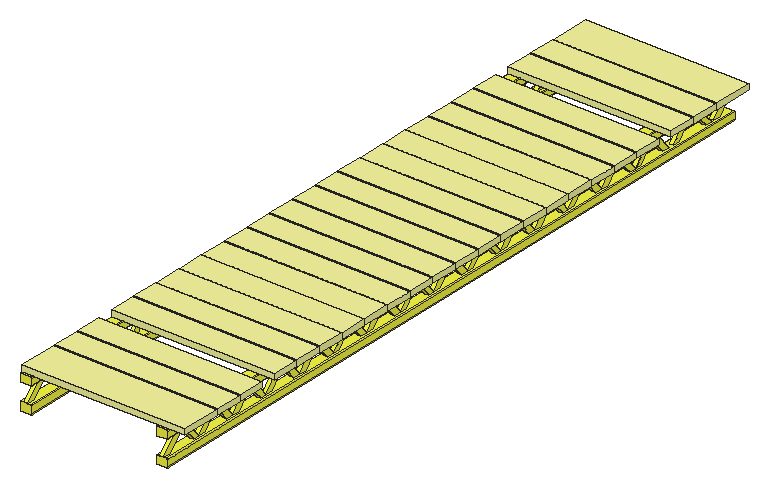
Revit family "SanCongTac-2", category Structural Framing, Revit 2019
Family settings
  Structural Framing Length Roundoff = 0 mm
  Section Shape = Not Defined
  Material for Model Behavior = Other
  Always export as geometry = No
  Work Plane-Based = No
  Always vertical = No
  Cut with Voids When Loaded = No
  Symbolic Representation = From Family
  Shared = No
  Show family pre-cut in plan views = Yes
Parameters
  Vat Lieu = Wood 2
  Structural Material [instance] = Wood 1
Reference planes
  plane 1 "Center (Front/Back)": y = 0
  plane 2: z = 0
  plane 3 "Center (Left/Right)": x = 0
  plane 4: x = 1110
Forms (mm)
  Extrusion 1, solid, material "Wood 1" <- "Structural Material"
    sketch origin (-40, -2500, 2440) x (1, 0, 0) y (0, 0, -1)
      loop
        line (5, 0) -> (75, 0)
        arc (75, 0) -> (78.536, 1.464) -> (80, 5) r 5
        line (80, 5) -> (80, 55)
        arc (80, 55) -> (78.536, 58.536) -> (75, 60) r 5
        line (75, 60) -> (5, 60)
        arc (5, 60) -> (1.464, 58.536) -> (0, 55) r 5
        line (0, 55) -> (0, 5)
        arc (0, 5) -> (1.464, 1.464) -> (5, 0) r 5
    from 0 to 5000
  Extrusion 2, solid, material "Wood 1" <- "Structural Material"
    sketch origin (-40, -2500, 2560) x (1, 0, 0) y (0, 0, -1)
      loop
        arc (5, 0) -> (1.464, -1.464) -> (0, -5) r 5
        line (0, -5) -> (0, -55)
        arc (0, -55) -> (1.464, -58.536) -> (5, -60) r 5
        line (5, -60) -> (75, -60)
        arc (75, -60) -> (78.536, -58.536) -> (80, -55) r 5
        line (80, -55) -> (80, -5)
        arc (80, -5) -> (78.536, -1.464) -> (75, 0) r 5
        line (75, 0) -> (5, 0)
    from 0 to 5000
  Extrusion 3, solid, material "Wood 1" <- "Structural Material"
    sketch origin (0, -2500, 2500) x (0, 0, -1) y (0, 1, 0)
      loop
        line (60, 261) -> (60, 311) -> (-60, 213) -> (-60, 163) -> (60, 261)
    from -14 to 14
  Extrusion 4, solid, material "Wood 1" <- "Structural Material"
    sketch origin (0, -1878, 2500) x (0, 0, -1) y (0, 1, 0)
      loop
        line (60, -261) -> (-60, -163) -> (-60, -213) -> (60, -311) -> (60, -261)
    from -14 to 14
  Extrusion 5, solid, material "Wood 1" <- "Structural Material"
    sketch origin (0, -2204, 2500) x (0, 0, -1) y (0, 1, 0)
      loop
        line (60, 261) -> (60, 311) -> (-60, 213) -> (-60, 163) -> (60, 261)
    from -14 to 14
  Extrusion 6, solid, material "Wood 1" <- "Structural Material"
    sketch origin (0, -1908, 2500) x (0, 0, -1) y (0, 1, 0)
      loop
        line (60, 261) -> (60, 311) -> (-60, 213) -> (-60, 163) -> (60, 261)
    from -14 to 14
  Extrusion 7, solid, material "Wood 1" <- "Structural Material"
    sketch origin (0, -1612, 2500) x (0, 0, -1) y (0, 1, 0)
      loop
        line (60, 261) -> (60, 311) -> (-60, 213) -> (-60, 163) -> (60, 261)
    from -14 to 14
  Extrusion 8, solid, material "Wood 1" <- "Structural Material"
    sketch origin (0, -1316, 2500) x (0, 0, -1) y (0, 1, 0)
      loop
        line (60, 261) -> (60, 311) -> (-60, 213) -> (-60, 163) -> (60, 261)
    from -14 to 14
  Extrusion 9, solid, material "Wood 1" <- "Structural Material"
    sketch origin (0, -1020, 2500) x (0, 0, -1) y (0, 1, 0)
      loop
        line (60, 261) -> (60, 311) -> (-60, 213) -> (-60, 163) -> (60, 261)
    from -14 to 14
  Extrusion 10, solid, material "Wood 1" <- "Structural Material"
    sketch origin (0, -724, 2500) x (0, 0, -1) y (0, 1, 0)
      loop
        line (60, 261) -> (60, 311) -> (-60, 213) -> (-60, 163) -> (60, 261)
    from -14 to 14
  Extrusion 11, solid, material "Wood 1" <- "Structural Material"
    sketch origin (0, 2002, 2500) x (0, 0, -1) y (0, 1, 0)
      loop
        line (60, 278) -> (60, 328) -> (-60, 213) -> (-60, 163) -> (60, 278)
    from -14 to 14
  Extrusion 12, solid, material "Wood 1" <- "Structural Material"
    sketch origin (0, -1582, 2500) x (0, 0, -1) y (0, 1, 0)
      loop
        line (60, -261) -> (-60, -163) -> (-60, -213) -> (60, -311) -> (60, -261)
    from -14 to 14
  Extrusion 13, solid, material "Wood 1" <- "Structural Material"
    sketch origin (0, -1286, 2500) x (0, 0, -1) y (0, 1, 0)
      loop
        line (60, -261) -> (-60, -163) -> (-60, -213) -> (60, -311) -> (60, -261)
    from -14 to 14
  Extrusion 14, solid, material "Wood 1" <- "Structural Material"
    sketch origin (0, -990, 2500) x (0, 0, -1) y (0, 1, 0)
      loop
        line (60, -261) -> (-60, -163) -> (-60, -213) -> (60, -311) -> (60, -261)
    from -14 to 14
  Extrusion 15, solid, material "Wood 1" <- "Structural Material"
    sketch origin (0, -694, 2500) x (0, 0, -1) y (0, 1, 0)
      loop
        line (60, -261) -> (-60, -163) -> (-60, -213) -> (60, -311) -> (60, -261)
    from -14 to 14
  Extrusion 16, solid, material "Wood 1" <- "Structural Material"
    sketch origin (0, -398, 2500) x (0, 0, -1) y (0, 1, 0)
      loop
        line (60, -261) -> (-60, -163) -> (-60, -213) -> (60, -311) -> (60, -261)
    from -14 to 14
  Extrusion 17, solid, material "Wood 1" <- "Structural Material"
    sketch origin (0, -102, 2500) x (0, 0, -1) y (0, 1, 0)
      loop
        line (60, -261) -> (-60, -163) -> (-60, -213) -> (60, -311) -> (60, -261)
    from -14 to 14
  Extrusion 18, solid, material "Wood 1" <- "Structural Material"
    sketch origin (0, -2174, 2500) x (0, 0, -1) y (0, 1, 0)
      loop
        line (60, -326) -> (60, -276) -> (-60, -163) -> (-60, -213) -> (60, -326)
    from -14 to 14
  Extrusion 19, solid, material "Wood 1" <- "Structural Material"
    sketch origin (0, -428, 2500) x (0, 0, -1) y (0, 1, 0)
      loop
        line (60, 261) -> (60, 311) -> (-60, 213) -> (-60, 163) -> (60, 261)
    from -14 to 14
  Extrusion 20, solid, material "Wood 1" <- "Structural Material"
    sketch origin (0, 194, 2500) x (0, 0, -1) y (0, 1, 0)
      loop
        line (60, -261) -> (-60, -163) -> (-60, -213) -> (60, -311) -> (60, -261)
    from -14 to 14
  Extrusion 21, solid, material "Wood 1" <- "Structural Material"
    sketch origin (0, -132, 2500) x (0, 0, -1) y (0, 1, 0)
      loop
        line (60, 261) -> (60, 311) -> (-60, 213) -> (-60, 163) -> (60, 261)
    from -14 to 14
  Extrusion 22, solid, material "Wood 1" <- "Structural Material"
    sketch origin (0, 490, 2500) x (0, 0, -1) y (0, 1, 0)
      loop
        line (60, -261) -> (-60, -163) -> (-60, -213) -> (60, -311) -> (60, -261)
    from -14 to 14
  Extrusion 23, solid, material "Wood 1" <- "Structural Material"
    sketch origin (0, 164, 2500) x (0, 0, -1) y (0, 1, 0)
      loop
        line (60, 261) -> (60, 311) -> (-60, 213) -> (-60, 163) -> (60, 261)
    from -14 to 14
  Extrusion 24, solid, material "Wood 1" <- "Structural Material"
    sketch origin (0, 786, 2500) x (0, 0, -1) y (0, 1, 0)
      loop
        line (60, -261) -> (-60, -163) -> (-60, -213) -> (60, -311) -> (60, -261)
    from -14 to 14
  Extrusion 25, solid, material "Wood 1" <- "Structural Material"
    sketch origin (0, 460, 2500) x (0, 0, -1) y (0, 1, 0)
      loop
        line (60, 261) -> (60, 311) -> (-60, 213) -> (-60, 163) -> (60, 261)
    from -14 to 14
  Extrusion 26, solid, material "Wood 1" <- "Structural Material"
    sketch origin (0, 1082, 2500) x (0, 0, -1) y (0, 1, 0)
      loop
        line (60, -261) -> (-60, -163) -> (-60, -213) -> (60, -311) -> (60, -261)
    from -14 to 14
  Extrusion 27, solid, material "Wood 1" <- "Structural Material"
    sketch origin (0, 756, 2500) x (0, 0, -1) y (0, 1, 0)
      loop
        line (60, 261) -> (60, 311) -> (-60, 213) -> (-60, 163) -> (60, 261)
    from -14 to 14
  Extrusion 28, solid, material "Wood 1" <- "Structural Material"
    sketch origin (0, 1378, 2500) x (0, 0, -1) y (0, 1, 0)
      loop
        line (60, -261) -> (-60, -163) -> (-60, -213) -> (60, -311) -> (60, -261)
    from -14 to 14
  Extrusion 29, solid, material "Wood 1" <- "Structural Material"
    sketch origin (0, 1052, 2500) x (0, 0, -1) y (0, 1, 0)
      loop
        line (60, 261) -> (60, 311) -> (-60, 213) -> (-60, 163) -> (60, 261)
    from -14 to 14
  Extrusion 30, solid, material "Wood 1" <- "Structural Material"
    sketch origin (0, 1674, 2500) x (0, 0, -1) y (0, 1, 0)
      loop
        line (60, -261) -> (-60, -163) -> (-60, -213) -> (60, -311) -> (60, -261)
    from -14 to 14
  Extrusion 31, solid, material "Wood 1" <- "Structural Material"
    sketch origin (0, 1348, 2500) x (0, 0, -1) y (0, 1, 0)
      loop
        line (60, 261) -> (60, 311) -> (-60, 213) -> (-60, 163) -> (60, 261)
    from -14 to 14
  Extrusion 32, solid, material "Wood 1" <- "Structural Material"
    sketch origin (0, 1970, 2500) x (0, 0, -1) y (0, 1, 0)
      loop
        line (60, -261) -> (-60, -163) -> (-60, -213) -> (60, -311) -> (60, -261)
    from -14 to 14
  Extrusion 33, solid, material "Wood 1" <- "Structural Material"
    sketch origin (0, 1644, 2500) x (0, 0, -1) y (0, 1, 0)
      loop
        line (60, 261) -> (60, 311) -> (-60, 213) -> (-60, 163) -> (60, 261)
    from -14 to 14
  Extrusion 34, solid, material "Wood 1" <- "Structural Material"
    sketch origin (0, 2306, 2500) x (0, 0, -1) y (0, 1, 0)
      loop
        line (60, -261) -> (-60, -163) -> (-60, -213) -> (60, -311) -> (60, -261)
    from -14 to 14
  Extrusion 35, solid, material "Wood 1" <- "Structural Material"
    sketch origin (0, 2663, 2500) x (0, 0, -1) y (0, 1, 0)
      loop
        line (60, -261) -> (-60, -163) -> (-60, -213) -> (60, -311) -> (60, -261)
    from -14 to 14
  Extrusion 36, solid, material "Wood 1" <- "Structural Material"
    sketch origin (920, -2500, 2440) x (1, 0, 0) y (0, 0, -1)
      loop
        line (5, 0) -> (75, 0)
        arc (75, 0) -> (78.536, 1.464) -> (80, 5) r 5
        line (80, 5) -> (80, 55)
        arc (80, 55) -> (78.536, 58.536) -> (75, 60) r 5
        line (75, 60) -> (5, 60)
        arc (5, 60) -> (1.464, 58.536) -> (0, 55) r 5
        line (0, 55) -> (0, 5)
        arc (0, 5) -> (1.464, 1.464) -> (5, 0) r 5
    from 0 to 5000
  Extrusion 37, solid, material "Wood 1" <- "Structural Material"
    sketch origin (920, -2500, 2560) x (1, 0, 0) y (0, 0, -1)
      loop
        arc (5, 0) -> (1.464, -1.464) -> (0, -5) r 5
        line (0, -5) -> (0, -55)
        arc (0, -55) -> (1.464, -58.536) -> (5, -60) r 5
        line (5, -60) -> (75, -60)
        arc (75, -60) -> (78.536, -58.536) -> (80, -55) r 5
        line (80, -55) -> (80, -5)
        arc (80, -5) -> (78.536, -1.464) -> (75, 0) r 5
        line (75, 0) -> (5, 0)
    from 0 to 5000
  Extrusion 38, solid, material "Wood 1" <- "Structural Material"
    sketch origin (960, -2500, 2500) x (0, 0, -1) y (0, 1, 0)
      loop
        line (60, 261) -> (60, 311) -> (-60, 213) -> (-60, 163) -> (60, 261)
    from -14 to 14
  Extrusion 39, solid, material "Wood 1" <- "Structural Material"
    sketch origin (960, -1878, 2500) x (0, 0, -1) y (0, 1, 0)
      loop
        line (60, -261) -> (-60, -163) -> (-60, -213) -> (60, -311) -> (60, -261)
    from -14 to 14
  Extrusion 40, solid, material "Wood 1" <- "Structural Material"
    sketch origin (960, -2204, 2500) x (0, 0, -1) y (0, 1, 0)
      loop
        line (60, 261) -> (60, 311) -> (-60, 213) -> (-60, 163) -> (60, 261)
    from -14 to 14
  Extrusion 41, solid, material "Wood 1" <- "Structural Material"
    sketch origin (960, -1908, 2500) x (0, 0, -1) y (0, 1, 0)
      loop
        line (60, 261) -> (60, 311) -> (-60, 213) -> (-60, 163) -> (60, 261)
    from -14 to 14
  Extrusion 42, solid, material "Wood 1" <- "Structural Material"
    sketch origin (960, -1612, 2500) x (0, 0, -1) y (0, 1, 0)
      loop
        line (60, 261) -> (60, 311) -> (-60, 213) -> (-60, 163) -> (60, 261)
    from -14 to 14
  Extrusion 43, solid, material "Wood 1" <- "Structural Material"
    sketch origin (960, -1316, 2500) x (0, 0, -1) y (0, 1, 0)
      loop
        line (60, 261) -> (60, 311) -> (-60, 213) -> (-60, 163) -> (60, 261)
    from -14 to 14
  Extrusion 44, solid, material "Wood 1" <- "Structural Material"
    sketch origin (960, -1020, 2500) x (0, 0, -1) y (0, 1, 0)
      loop
        line (60, 261) -> (60, 311) -> (-60, 213) -> (-60, 163) -> (60, 261)
    from -14 to 14
  Extrusion 45, solid, material "Wood 1" <- "Structural Material"
    sketch origin (960, -724, 2500) x (0, 0, -1) y (0, 1, 0)
      loop
        line (60, 261) -> (60, 311) -> (-60, 213) -> (-60, 163) -> (60, 261)
    from -14 to 14
  Extrusion 46, solid, material "Wood 1" <- "Structural Material"
    sketch origin (960, 2002, 2500) x (0, 0, -1) y (0, 1, 0)
      loop
        line (60, 278) -> (60, 328) -> (-60, 213) -> (-60, 163) -> (60, 278)
    from -14 to 14
  Extrusion 47, solid, material "Wood 1" <- "Structural Material"
    sketch origin (960, -1582, 2500) x (0, 0, -1) y (0, 1, 0)
      loop
        line (60, -261) -> (-60, -163) -> (-60, -213) -> (60, -311) -> (60, -261)
    from -14 to 14
  Extrusion 48, solid, material "Wood 1" <- "Structural Material"
    sketch origin (960, -1286, 2500) x (0, 0, -1) y (0, 1, 0)
      loop
        line (60, -261) -> (-60, -163) -> (-60, -213) -> (60, -311) -> (60, -261)
    from -14 to 14
  Extrusion 49, solid, material "Wood 1" <- "Structural Material"
    sketch origin (960, -990, 2500) x (0, 0, -1) y (0, 1, 0)
      loop
        line (60, -261) -> (-60, -163) -> (-60, -213) -> (60, -311) -> (60, -261)
    from -14 to 14
  Extrusion 50, solid, material "Wood 1" <- "Structural Material"
    sketch origin (960, -694, 2500) x (0, 0, -1) y (0, 1, 0)
      loop
        line (60, -261) -> (-60, -163) -> (-60, -213) -> (60, -311) -> (60, -261)
    from -14 to 14
  Extrusion 51, solid, material "Wood 1" <- "Structural Material"
    sketch origin (960, -398, 2500) x (0, 0, -1) y (0, 1, 0)
      loop
        line (60, -261) -> (-60, -163) -> (-60, -213) -> (60, -311) -> (60, -261)
    from -14 to 14
  Extrusion 52, solid, material "Wood 1" <- "Structural Material"
    sketch origin (960, -102, 2500) x (0, 0, -1) y (0, 1, 0)
      loop
        line (60, -261) -> (-60, -163) -> (-60, -213) -> (60, -311) -> (60, -261)
    from -14 to 14
  Extrusion 53, solid, material "Wood 1" <- "Structural Material"
    sketch origin (960, -2174, 2500) x (0, 0, -1) y (0, 1, 0)
      loop
        line (60, -326) -> (60, -276) -> (-60, -163) -> (-60, -213) -> (60, -326)
    from -14 to 14
  Extrusion 54, solid, material "Wood 1" <- "Structural Material"
    sketch origin (960, -428, 2500) x (0, 0, -1) y (0, 1, 0)
      loop
        line (60, 261) -> (60, 311) -> (-60, 213) -> (-60, 163) -> (60, 261)
    from -14 to 14
  Extrusion 55, solid, material "Wood 1" <- "Structural Material"
    sketch origin (960, 194, 2500) x (0, 0, -1) y (0, 1, 0)
      loop
        line (60, -261) -> (-60, -163) -> (-60, -213) -> (60, -311) -> (60, -261)
    from -14 to 14
  Extrusion 56, solid, material "Wood 1" <- "Structural Material"
    sketch origin (960, -132, 2500) x (0, 0, -1) y (0, 1, 0)
      loop
        line (60, 261) -> (60, 311) -> (-60, 213) -> (-60, 163) -> (60, 261)
    from -14 to 14
  Extrusion 57, solid, material "Wood 1" <- "Structural Material"
    sketch origin (960, 490, 2500) x (0, 0, -1) y (0, 1, 0)
      loop
        line (60, -261) -> (-60, -163) -> (-60, -213) -> (60, -311) -> (60, -261)
    from -14 to 14
  Extrusion 58, solid, material "Wood 1" <- "Structural Material"
    sketch origin (960, 164, 2500) x (0, 0, -1) y (0, 1, 0)
      loop
        line (60, 261) -> (60, 311) -> (-60, 213) -> (-60, 163) -> (60, 261)
    from -14 to 14
  Extrusion 59, solid, material "Wood 1" <- "Structural Material"
    sketch origin (960, 786, 2500) x (0, 0, -1) y (0, 1, 0)
      loop
        line (60, -261) -> (-60, -163) -> (-60, -213) -> (60, -311) -> (60, -261)
    from -14 to 14
  Extrusion 60, solid, material "Wood 1" <- "Structural Material"
    sketch origin (960, 460, 2500) x (0, 0, -1) y (0, 1, 0)
      loop
        line (60, 261) -> (60, 311) -> (-60, 213) -> (-60, 163) -> (60, 261)
    from -14 to 14
  Extrusion 61, solid, material "Wood 1" <- "Structural Material"
    sketch origin (960, 1082, 2500) x (0, 0, -1) y (0, 1, 0)
      loop
        line (60, -261) -> (-60, -163) -> (-60, -213) -> (60, -311) -> (60, -261)
    from -14 to 14
  Extrusion 62, solid, material "Wood 1" <- "Structural Material"
    sketch origin (960, 756, 2500) x (0, 0, -1) y (0, 1, 0)
      loop
        line (60, 261) -> (60, 311) -> (-60, 213) -> (-60, 163) -> (60, 261)
    from -14 to 14
  Extrusion 63, solid, material "Wood 1" <- "Structural Material"
    sketch origin (960, 1378, 2500) x (0, 0, -1) y (0, 1, 0)
      loop
        line (60, -261) -> (-60, -163) -> (-60, -213) -> (60, -311) -> (60, -261)
    from -14 to 14
  Extrusion 64, solid, material "Wood 1" <- "Structural Material"
    sketch origin (960, 1052, 2500) x (0, 0, -1) y (0, 1, 0)
      loop
        line (60, 261) -> (60, 311) -> (-60, 213) -> (-60, 163) -> (60, 261)
    from -14 to 14
  Extrusion 65, solid, material "Wood 1" <- "Structural Material"
    sketch origin (960, 1674, 2500) x (0, 0, -1) y (0, 1, 0)
      loop
        line (60, -261) -> (-60, -163) -> (-60, -213) -> (60, -311) -> (60, -261)
    from -14 to 14
  Extrusion 66, solid, material "Wood 1" <- "Structural Material"
    sketch origin (960, 1348, 2500) x (0, 0, -1) y (0, 1, 0)
      loop
        line (60, 261) -> (60, 311) -> (-60, 213) -> (-60, 163) -> (60, 261)
    from -14 to 14
  Extrusion 67, solid, material "Wood 1" <- "Structural Material"
    sketch origin (960, 1970, 2500) x (0, 0, -1) y (0, 1, 0)
      loop
        line (60, -261) -> (-60, -163) -> (-60, -213) -> (60, -311) -> (60, -261)
    from -14 to 14
  Extrusion 68, solid, material "Wood 1" <- "Structural Material"
    sketch origin (960, 1644, 2500) x (0, 0, -1) y (0, 1, 0)
      loop
        line (60, 261) -> (60, 311) -> (-60, 213) -> (-60, 163) -> (60, 261)
    from -14 to 14
  Extrusion 69, solid, material "Wood 1" <- "Structural Material"
    sketch origin (960, 2306, 2500) x (0, 0, -1) y (0, 1, 0)
      loop
        line (60, -261) -> (-60, -163) -> (-60, -213) -> (60, -311) -> (60, -261)
    from -14 to 14
  Extrusion 70, solid, material "Wood 1" <- "Structural Material"
    sketch origin (960, 2663, 2500) x (0, 0, -1) y (0, 1, 0)
      loop
        line (60, -261) -> (-60, -163) -> (-60, -213) -> (60, -311) -> (60, -261)
    from -14 to 14
  Extrusion 71, solid, material "Wood 2" <- "Vat Lieu"
    sketch origin (0, -353.398, 0) x (0, 1, 0) y (0, 0, 1)
      loop
        line (2548.398, 2620) -> (2548.398, 2660) -> (2358.398, 2660) -> (2358.398, 2620) -> (2548.398, 2620)
    from -40 to 1110
  Extrusion 72, solid, material "Wood 2" <- "Vat Lieu"
    sketch origin (0, -553.398, 0) x (0, 1, 0) y (0, 0, 1)
      loop
        line (2548.398, 2620) -> (2548.398, 2660) -> (2358.398, 2660) -> (2358.398, 2620) -> (2548.398, 2620)
    from -40 to 1110
  Extrusion 73, solid, material "Wood 2" <- "Vat Lieu"
    sketch origin (0, -853.398, 0) x (0, 1, 0) y (0, 0, 1)
      loop
        line (2548.398, 2620) -> (2548.398, 2660) -> (2358.398, 2660) -> (2358.398, 2620) -> (2548.398, 2620)
    from -40 to 1110
  Extrusion 74, solid, material "Wood 2" <- "Vat Lieu"
    sketch origin (0, -1053.398, 0) x (0, 1, 0) y (0, 0, 1)
      loop
        line (2548.398, 2620) -> (2548.398, 2660) -> (2358.398, 2660) -> (2358.398, 2620) -> (2548.398, 2620)
    from -40 to 1110
  Extrusion 75, solid, material "Wood 2" <- "Vat Lieu"
    sketch origin (0, -1253.398, 0) x (0, 1, 0) y (0, 0, 1)
      loop
        line (2548.398, 2620) -> (2548.398, 2660) -> (2358.398, 2660) -> (2358.398, 2620) -> (2548.398, 2620)
    from -40 to 1110
  Extrusion 76, solid, material "Wood 2" <- "Vat Lieu"
    sketch origin (0, -1453.398, 0) x (0, 1, 0) y (0, 0, 1)
      loop
        line (2548.398, 2620) -> (2548.398, 2660) -> (2358.398, 2660) -> (2358.398, 2620) -> (2548.398, 2620)
    from -40 to 1110
  Extrusion 77, solid, material "Wood 2" <- "Vat Lieu"
    sketch origin (0, -1653.398, 0) x (0, 1, 0) y (0, 0, 1)
      loop
        line (2548.398, 2620) -> (2548.398, 2660) -> (2358.398, 2660) -> (2358.398, 2620) -> (2548.398, 2620)
    from -40 to 1110
  Extrusion 78, solid, material "Wood 2" <- "Vat Lieu"
    sketch origin (0, -1853.398, 0) x (0, 1, 0) y (0, 0, 1)
      loop
        line (2548.398, 2620) -> (2548.398, 2660) -> (2358.398, 2660) -> (2358.398, 2620) -> (2548.398, 2620)
    from -40 to 1110
  Extrusion 79, solid, material "Wood 2" <- "Vat Lieu"
    sketch origin (0, -2053.398, 0) x (0, 1, 0) y (0, 0, 1)
      loop
        line (2548.398, 2620) -> (2548.398, 2660) -> (2358.398, 2660) -> (2358.398, 2620) -> (2548.398, 2620)
    from -40 to 1110
  Extrusion 80, solid, material "Wood 2" <- "Vat Lieu"
    sketch origin (0, -2253.398, 0) x (0, 1, 0) y (0, 0, 1)
      loop
        line (2548.398, 2620) -> (2548.398, 2660) -> (2358.398, 2660) -> (2358.398, 2620) -> (2548.398, 2620)
    from -40 to 1110
  Extrusion 81, solid, material "Wood 2" <- "Vat Lieu"
    sketch origin (0, -2453.398, 0) x (0, 1, 0) y (0, 0, 1)
      loop
        line (2548.398, 2620) -> (2548.398, 2660) -> (2358.398, 2660) -> (2358.398, 2620) -> (2548.398, 2620)
    from -40 to 1110
  Extrusion 82, solid, material "Wood 2" <- "Vat Lieu"
    sketch origin (0, 4753.398, 0) x (0, -1, 0) y (0, 0, -1)
      loop
        line (2548.398, -2620) -> (2267.457, -2620) -> (2267.457, -2660) -> (2548.398, -2660) -> (2548.398, -2620)
    from -40 to 1110
  Extrusion 83, solid, material "Wood 2" <- "Vat Lieu"
    sketch origin (0, 353.398, 0) x (0, -1, 0) y (0, 0, -1)
      loop
        line (2548.398, -2620) -> (2358.398, -2620) -> (2358.398, -2660) -> (2548.398, -2660) -> (2548.398, -2620)
    from -40 to 1110
  Extrusion 84, solid, material "Wood 2" <- "Vat Lieu"
    sketch origin (0, 553.398, 0) x (0, -1, 0) y (0, 0, -1)
      loop
        line (2548.398, -2620) -> (2358.398, -2620) -> (2358.398, -2660) -> (2548.398, -2660) -> (2548.398, -2620)
    from -40 to 1110
  Extrusion 85, solid, material "Wood 2" <- "Vat Lieu"
    sketch origin (0, 853.398, 0) x (0, -1, 0) y (0, 0, -1)
      loop
        line (2548.398, -2620) -> (2358.398, -2620) -> (2358.398, -2660) -> (2548.398, -2660) -> (2548.398, -2620)
    from -40 to 1110
  Extrusion 86, solid, material "Wood 2" <- "Vat Lieu"
    sketch origin (0, 1053.398, 0) x (0, -1, 0) y (0, 0, -1)
      loop
        line (2548.398, -2620) -> (2358.398, -2620) -> (2358.398, -2660) -> (2548.398, -2660) -> (2548.398, -2620)
    from -40 to 1110
  Extrusion 87, solid, material "Wood 2" <- "Vat Lieu"
    sketch origin (0, 1253.398, 0) x (0, -1, 0) y (0, 0, -1)
      loop
        line (2548.398, -2620) -> (2358.398, -2620) -> (2358.398, -2660) -> (2548.398, -2660) -> (2548.398, -2620)
    from -40 to 1110
  Extrusion 88, solid, material "Wood 2" <- "Vat Lieu"
    sketch origin (0, 1453.398, 0) x (0, -1, 0) y (0, 0, -1)
      loop
        line (2548.398, -2620) -> (2358.398, -2620) -> (2358.398, -2660) -> (2548.398, -2660) -> (2548.398, -2620)
    from -40 to 1110
  Extrusion 89, solid, material "Wood 2" <- "Vat Lieu"
    sketch origin (0, 1653.398, 0) x (0, -1, 0) y (0, 0, -1)
      loop
        line (2548.398, -2620) -> (2358.398, -2620) -> (2358.398, -2660) -> (2548.398, -2660) -> (2548.398, -2620)
    from -40 to 1110
  Extrusion 90, solid, material "Wood 2" <- "Vat Lieu"
    sketch origin (0, 1853.398, 0) x (0, -1, 0) y (0, 0, -1)
      loop
        line (2548.398, -2620) -> (2358.398, -2620) -> (2358.398, -2660) -> (2548.398, -2660) -> (2548.398, -2620)
    from -40 to 1110
  Extrusion 91, solid, material "Wood 2" <- "Vat Lieu"
    sketch origin (0, 2053.398, 0) x (0, -1, 0) y (0, 0, -1)
      loop
        line (2548.398, -2620) -> (2358.398, -2620) -> (2358.398, -2660) -> (2548.398, -2660) -> (2548.398, -2620)
    from -40 to 1110
  Extrusion 92, solid, material "Wood 2" <- "Vat Lieu"
    sketch origin (0, 2253.398, 0) x (0, -1, 0) y (0, 0, -1)
      loop
        line (2548.398, -2620) -> (2358.398, -2620) -> (2358.398, -2660) -> (2548.398, -2660) -> (2548.398, -2620)
    from -40 to 1110
  Extrusion 93, solid, material "Wood 2" <- "Vat Lieu"
    sketch origin (0, -4753.398, 0) x (0, 1, 0) y (0, 0, 1)
      loop
        line (2548.398, 2620) -> (2548.398, 2660) -> (2267.457, 2660) -> (2267.457, 2620) -> (2548.398, 2620)
    from -40 to 1110
Cuts and joins
  joined: Extrusion 1, Extrusion 2, Extrusion 3, Extrusion 4, Extrusion 5, Extrusion 6, Extrusion 7, Extrusion 8, Extrusion 9, Extrusion 10, Extrusion 11, Extrusion 12, Extrusion 13, Extrusion 14, Extrusion 15, Extrusion 16, Extrusion 17, Extrusion 18, Extrusion 19, Extrusion 20, Extrusion 21, Extrusion 22, Extrusion 23, Extrusion 24, Extrusion 25, Extrusion 26, Extrusion 27, Extrusion 28, Extrusion 29, Extrusion 30, Extrusion 31, Extrusion 32, Extrusion 33, Extrusion 34, Extrusion 35
Dimensions and locks
  aligned and locked: level to plane 2
